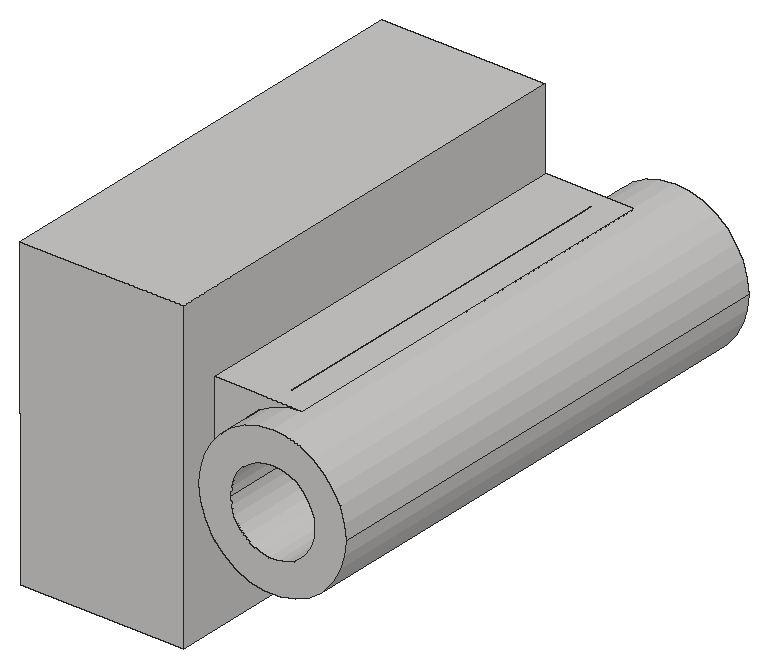
Revit family
Parameters
  Unit Weight = "19.0 lbs"
  URL = "http://www.titus-hvac.com/"
  Static Pressure [instance] = 0.00 in-wg
  Nominal Width = 1' - 1"
  Nominal Length = 1' - 8"
  Nominal Inlet Size = 0' - 4"
  Nominal Inlet Length = 1' - 8"
  Nominal Height = 1' - 0 1/4"
  Model = "DECV"
  Min. Air Flow = 0 CFM
  Max. Air Flow = 225 CFM
  Material = Steel
  Manufacturer = "Titus"
  Inlet Radius = 0' - 2 15/16"
  Inlet Opening Radius = 0' - 1 11/16"
  Inlet Offset = 0' - 2"
  Inlet Extrusion Radius = 0' - 2 15/16"
  Inlet Diameter = 0' - 5 7/8"
  Inlet = Duct D / 2  # 0' - 1 15/16"
  Duct D = 0' - 3 7/8"
  Design Air Flow [instance] = 0 CFM
  Description = "Digital Control Terminal Unit, Retrofit, Variable Volume"
  Control Box Offset = 0' - 3 9/16"
  CADworks URL = "www.CADworks.net"
  Assembly Code = "D3040100"
Reference planes (in)
  plane 1 "Center (Front/Back)": y = 0
  plane 2: z = 0
  plane 3 "Center (Left/Right)": x = 0
  plane 4: x = -3.5625
  plane 5: y = 8
  plane 6: y = 10
  plane 7: y = -10
  plane 8: y = -10
  plane 9: z = 6.125
  plane 10: z = -6.125
  plane 11: x = -10.0625
  plane 12: x = 2.9375
Forms (in)
  Extrusion 1, solid, material "Steel" <- "Material"
    sketch origin (0, 6, 0) x (-1, 0, 0) y (0, 0, -1)
      loop
        line (3.5625, -6.125) -> (10.0625, -6.125) -> (10.0625, 6.125) -> (3.5625, 6.125) -> (3.5625, -6.125)
    from -2 to 16
  Extrusion 2, solid, material "Steel" <- "Material"
    sketch origin (0, 10, 0) x (1, 0, 0) y (0, 0, 1)
      loop
        line (-3.5625, -2.9375) -> (0, -2.9375)
        arc (0, -2.9375) -> (-2.9375, 0) -> (0, 2.9375) r 2.9375
        line (0, 2.9375) -> (-3.5625, 2.9375) -> (-3.5625, -2.9375)
    from 2 to 18.5
  Extrusion 3, solid, material "Steel" <- "Material"
    sketch origin (0, -8.5, 0) x (1, 0, 0) y (0, 0, 1)
      loop
        circle (0, 0) r 2.9375
    from -18.5 to 1.5
  Extrusion 4, void
    sketch origin (0, -10, 0) x (-1, 0, 0) y (0, 0, 1)
      loop
        circle (0, 0) r 1.6875
    from 0 to 24
Cuts and joins
  Extrusion 4 cuts Extrusion 2
  Extrusion 4 cuts Extrusion 3
Dimensions and locks (in)
  locked: Extrusion 1 to Extrusion 1 at 18
  locked: Extrusion 3 sketch curve to level at 0
  locked: Extrusion 3 sketch curve to plane 3 "Center (Left/Right)" at 0
  "Control Box Offset": plane 3 "Center (Left/Right)" to Extrusion 1
  locked: Extrusion 1 sketch curve to Extrusion 1 sketch curve at 6.5
  locked: Extrusion 1 sketch curve to Extrusion 1 sketch curve at 12.25
  equal spacing: Extrusion 1 sketch curve, plane 2, Extrusion 1 sketch curve
  "Inlet Offset": plane 6 to plane 5
  locked: Extrusion 1 to plane 5 at 0
  "Inlet Diameter": Extrusion 2 sketch curve to Extrusion 2 sketch curve
  equal spacing: Extrusion 2 sketch curve, plane 2, Extrusion 2 sketch curve
  "Control Box Offset": plane 4 to plane 3 "Center (Left/Right)"
  "Inlet Offset": plane 6 to cut or joined group of Extrusion 2, Extrusion 4
  locked: cut or joined group of Extrusion 3, Extrusion 4 to plane 6 at 0
  "Nominal Inlet Length": cut or joined group of Extrusion 3, Extrusion 4 to cut or joined group of Extrusion 3, Extrusion 4
  equal spacing: cut or joined group of Extrusion 3, Extrusion 4, plane 1 "Center (Front/Back)", cut or joined group of Extrusion 3, Extrusion 4
  "Nominal Inlet Length": plane 7 to plane 6
  equal spacing: plane 7, plane 1 "Center (Front/Back)", plane 6
  locked: plane 7 to cut or joined group of Extrusion 2, Extrusion 4 at 1.5
  locked: plane 8 to plane 6 at 20
  locked: plane 9 to plane 10 at 12.25
  "Inlet Radius": radius of Extrusion 3 sketch curve
  "Inlet Extrusion Radius": radius of Extrusion 2 sketch curve
  "Inlet Opening Radius": radius of Extrusion 4 sketch curve
  aligned and locked: plane 3 "Center (Left/Right)" to connector elem
  aligned and locked: connector elem to plane 3 "Center (Left/Right)"
  aligned and locked: cut or joined group of Extrusion 2, Extrusion 4 to Extrusion 1  (x2)
  aligned and locked: plane 3 "Center (Left/Right)" to Extrusion 2 sketch curve
  aligned and locked: plane 4 to Extrusion 1
Automatic sketch dimensions
  plane 4 to Extrusion 1 sketch curve = 0' - 0"
  Extrusion 2 sketch curve to plane 4 = 0' - 0"
Connectors (in)
  hvac at (0, -10, 0), driven by "Design Air Flow", driven by "Inlet", driven by "Static Pressure"
    settings: on cut or joined group of Extrusion 3, Extrusion 4, index 1
  hvac at (0, 10, 0), driven by "Static Pressure", driven by "Design Air Flow", driven by "Inlet"
    settings: on cut or joined group of Extrusion 3, Extrusion 4, index 2
